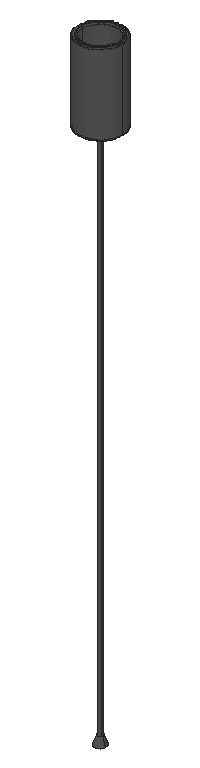
Revit family "CARLO CYLINDER LIGHT Pendant_ Surface", category Lighting Fixtures, host Face, Revit 2020 (continued)
Types (13): name | Wattage_Input | Wattage Comments | Wattage | built-in parameter 1150134 | Size 08 | Size 04 | Photometric Web File | built-in parameter 1150142 | Model | built-in parameter 1150105 | Lumens | built-in parameter 1150107 | built-in parameter 1150106 | Fixture Height | Fixture Diameter | BEAMING ANGLE | Apparent Load
    4 127.56 128.51 129.46 130.39 \r\n 131.36 132.47 133.59 134.62 135.67 136.82 138.06 139.37 140.85 142.61 \r\n 144.67 147.05 149.79 152.9 156.49 160.59 165.42 171.13 177.89 185.41 \r\n 195.35 210.19 227.17 244.02 261.72 279.47 300.22 327.38 358.71 393.16 \r\n 430.62 470.72 513.18 557.75 603.93 650.84 699.34 750.59 802.72 854.32 \r\n 905.22 954.66 1003 1050.4 1096.3 1140.7 1182.1 1219.1 1252.6 1282.8 \r\n 1310.8 1337.8 1363.3 1387.4 1409.1 1428.2 1443.3 1452.7 1457.1 1456.8 \r\n 1452.3 \r\n1448.4 1457 1456.9 1451.1 1440.4 1425.2 1406.1 1383.2 1358.4 1333.8 \r\n 1308.1 1281 1251.3 1217.6 1180.4 1139.2 1094.9 1047.8 998.74 948.45 \r\n 897.18 845.23 793.24 741.79 691.37 642.81 595.68 549.63 505.28 463.01 \r\n 423.2 386.3 352.48 322.18 295.07 270.84 249.76 232.29 217.51 204.66 \r\n 193.75 184.69 177.06 170.46 164.82 159.94 155.76 152.2 149.13 146.37 \r\n 143.95 141.85 140.02 138.43 137.05 135.85 134.76 133.65 132.56 131.43 \r\n 130.38 129.57 128.83 128.06 127.28 126.48 125.65 124.76 123.84 123.13 \r\n 121.94 119.56 116.33 112.46 107.72 101.83 95.241 88.304 81.034 73.522 \r\n 65.9 58.294 50.808 43.592 36.624 29.655 23.512 19.103 15.943 14.055 \r\n 12.819 11.603 10.469 9.2027 7.9983 6.9843 6.1405 5.4993 5.0307 4.7523 \r\n 4.553 4.3051 4.0757 3.9007 3.7465 3.5882 3.436 3.2916 3.1567 3.04 \r\n 2.9229 2.7867 2.6401 2.4793 2.3238 2.2024 2.0829 1.9334 1.7816 1.6477 \r\n 1.5225 1.4103 1.2905 1.1276 0.97147 0.87449 0.79356 0.69652 0.60289 0.52032 \r\n 0.45233 0.4096 0.37841 0.34703 0.32012 0.29869 0.2819 0.27023 0.26079 0.2513 \r\n 0.24198 0.2323 0.22223 0.21099 0.2004 0.19272 0.18587 0.17805 0.17069 0.1652 \r\n 0.15972 0.15235 0.14456 0.13735 0.1301 0.12235 0.11462 0.10758 0.10032 0.091506 \r\n 0.0831 0.07733 0.072054 0.065601 0.058796 0.051663 0.044937 0.040055 0.034935 0.027247 \r\n 0.019173 0.012017 0.0060784 0.002255 0.000061 0 0 0 0 0 \r\n 0 0 0 0 0 0 0.000032 0.0010471 0.0028443 0.0054792 \r\n 0.009137 0.014763 0.020133 0.0219 0.024367 0.032299 0.040966 0.045843 0.051087 0.060466 \r\n 0.070628 0.079412 0.087023 0.092398 0.097177 0.10263 0.10881 0.11677 0.12478 0.1309 \r\n 0.13684 0.14386 0.15124 0.15855 0.16608 0.1739 0.1822 0.19119 0.20087 0.21179 \r\n 0.22249 0.23077 0.23942 0.25034 0.26391 0.28121 0.30198 0.32517 0.35416 0.39017 \r\n 0.43859 0.50897 0.59001 0.67387 0.76435 0.85818 0.96871 1.121 1.2766 1.393 \r\n 1.5085 1.6566 1.8097 1.9488 2.0813 2.2023 2.3297 2.491 2.6531 2.7851 \r\n 2.9073 3.0286 3.1521 3.2864 3.424 3.5552 3.6945 3.8506 4.0302 4.2519 \r\n 4.4885 4.6917 4.9441 5.3078 5.7963 6.4461 7.2504 8.2477 9.3387 10.362 \r\n 11.543 12.847 14.892 18.332 23.025 29.316 36.394 43.515 50.815 58.156 \r\n 65.604 73.262 80.89 88.334 95.438 102.1 108.01 112.75 116.56 119.54 \r\n 121.69 122.84 123.59 124.6 125.6 126.53 127.43 128.3 129.15 129.98 \r\n 130.87 131.97 133.11 134.16 135.22 136.33 137.54 138.87 140.4 142.17 \r\n 144.22 146.62 149.37 152.46 156.03 160.14 164.99 170.69 177.41 184.93 \r\n 194.46 207.66 222.95 239.04 256.73 275.87 298.03 325.12 356 390.28 \r\n 427.59 467.45 509.7 554.24 600.43 647.33 695.77 746.83 798.85 850.58 \r\n 901.84 952 1001.1 1049 1095.3 1139.7 1181.3 1218.4 1252 1281.7 \r\n 1309.2 1335.9 1361.3 1386 1408.5 1427.6 1442.6 1452.4 1457.2 1457 \r\n 1452.3 \r\n1448.4 1457.2 1457 1451.7 1441.4 1426.4 1407.3 1383.9 1358.4 1333.1 \r\n 1306.8 1279.9 1250.6 1216.8 1179.3 1137.7 1093.1 1046.4 997.81 947.8 \r\n 896.75 845.07 793.21 741.4 690.63 642.24 595.34 549.18 504.74 462.8 \r\n 423.3 386.25 352.21 321.94 294.93 270.91 249.96 232.27 217.21 204.18 \r\n 193.17 184.18 176.66 170.02 164.32 159.48 155.36 151.83 148.78 146.03 \r\n 143.62 141.58 139.81 138.24 136.87 135.71 134.66 133.58 132.5 131.33 \r\n 130.25 129.45 128.74 128 127.23 126.36 125.45 124.49 123.54 122.91 \r\n 121.82 119.47 116.27 112.48 107.84 102.02 95.433 88.325 80.886 73.376 \r\n 65.841 58.431 51.098 43.802 36.669 29.512 23.241 18.921 15.889 14.014 \r\n 12.761 11.535 10.389 9.1026 7.8898 6.9085 6.103 5.4744 5.0099 4.7345 \r\n 4.5362 4.2894 4.0596 3.8794 3.7213 3.5673 3.4204 3.2758 3.1397 3.0229 \r\n 2.9068 2.775 2.6308 2.4621 2.2988 2.1793 2.0654 1.9235 1.7776 1.6418 \r\n 1.5128 1.4005 1.2803 1.1135 0.95304 0.85339 0.77113 0.67474 0.583 0.50422 \r\n 0.43836 0.3961 0.36539 0.33693 0.31307 0.29294 0.27682 0.26571 0.25661 0.24634 \r\n 0.23658 0.22878 0.22051 0.20856 0.19661 0.18781 0.18048 0.17444 0.16841 0.16042 \r\n 0.15243 0.14639 0.14036 0.13262 0.12438 0.11612 0.10835 0.10231 0.096282 0.088289 \r\n 0.080297 0.074017 0.068232 0.062464 0.05621 0.047994 0.040266 0.036207 0.03215 0.024433 \r\n 0.016221 0.0094463 0.0041501 0.001347 0.000047 0 0 0 0 0 \r\n 0 0 0 0 0 0 0.000047 0.001347 0.0041501 0.0094463 \r\n 0.016221 0.024433 0.03215 0.036207 0.040266 0.047994 0.05621 0.062464 0.068232 0.074017 \r\n 0.080297 0.088289 0.096282 0.10231 0.10835 0.11612 0.12438 0.13262 0.14036 0.14639 \r\n 0.15243 0.16042 0.16841 0.17444 0.18048 0.18781 0.19661 0.20856 0.22051 0.22878 \r\n 0.23658 0.24634 0.25661 0.26571 0.27682 0.29294 0.31307 0.33693 0.36539 0.3961 \r\n 0.43836 0.50422 0.583 0.67474 0.77113 0.85339 0.95304 1.1135 1.2803 1.4005 \r\n 1.5128 1.6418 1.7776 1.9235 2.0654 2.1793 2.2988 2.4621 2.6308 2.775 \r\n 2.9068 3.0229 3.1397 3.2758 3.4204 3.5673 3.7213 3.8794 4.0596 4.2894 \r\n 4.5362 4.7345 5.0099 5.4744 6.103 6.9085 7.8898 9.1026 10.389 11.535 \r\n 12.761 14.014 15.889 18.921 23.241 29.512 36.669 43.802 51.098 58.431 \r\n 65.841 73.376 80.886 88.325 95.433 102.02 107.84 112.48 116.27 119.47 \r\n 121.82 122.91 123.54 124.49 125.45 126.36 127.23 128 128.74 129.45 \r\n 130.25 131.33 132.5 133.58 134.66 135.71 136.87 138.24 139.81 141.58 \r\n 143.62 146.03 148.78 151.83 155.36 159.48 164.32 170.02 176.66 184.18 \r\n 193.17 204.18 217.21 232.27 249.96 270.91 294.93 321.94 352.21 386.25 \r\n 423.3 462.8 504.74 549.18 595.34 642.24 690.63 741.4 793.21 845.07 \r\n 896.75 947.8 997.81 1046.4 1093.1 1137.7 1179.3 1216.8 1250.6 1279.9 \r\n 1306.8 1333.1 1358.4 1383.9 1407.3 1426.4 1441.4 1451.7 1457 1457.2 \r\n 1452.3 \r\n1448.4 1457 1457.2 1452.4 1442.6 1427.6 1408.5 1386 1361.3 1335.9 \r\n 1309.2 1281.7 1252 1218.4 1181.3 1139.7 1095.3 1049 1001.1 952 \r\n 901.84 850.58 798.85 746.83 695.77 647.33 600.43 554.24 509.7 467.45 \r\n 427.59 390.28 356 325.12 298.03 275.87 256.73 239.04 222.95 207.66 \r\n 194.46 184.93 177.41 170.69 164.99 160.14 156.03 152.46 149.37 146.62 \r\n 144.22 142.17 140.4 138.87 137.54 136.33 135.22 134.16 133.11 131.97 \r\n 130.87 129.98 129.15 128.3 127.43 126.53 125.6 124.6 123.59 122.84 \r\n 121.69 119.54 116.56 112.75 108.01 102.1 95.438 88.334 80.89 73.262 \r\n 65.604 58.156 50.815 43.515 36.394 29.316 23.025 18.332 14.892 12.847 \r\n 11.544 10.362 9.3387 8.2477 7.2504 6.4461 5.7963 5.3078 4.9441 4.6917 \r\n 4.4885 4.2519 4.0302 3.8506 3.6945 3.5552 3.424 3.2864 3.1521 3.0286 \r\n 2.9073 2.7851 2.6531 2.491 2.3297 2.2023 2.0813 1.9488 1.8097 1.6566 \r\n 1.5085 1.393 1.2766 1.121 0.96871 0.85818 0.76435 0.67387 0.59001 0.50897 \r\n 0.43859 0.39017 0.35416 0.32517 0.30198 0.28121 0.26391 0.25034 0.23942 0.23077 \r\n 0.22249 0.21179 0.20087 0.19119 0.1822 0.1739 0.16608 0.15855 0.15124 0.14386 \r\n 0.13684 0.1309 0.12478 0.11677 0.10881 0.10263 0.097177 0.092398 0.087023 0.079412 \r\n 0.070628 0.060466 0.051087 0.045843 0.040966 0.032299 0.024367 0.0219 0.020133 0.014763 \r\n 0.009137 0.0054792 0.0028443 0.0010471 0.000032 0 0 0 0 0 \r\n 0 0 0 0 0 0 0.000061 0.002255 0.0060784 0.012017 \r\n 0.019173 0.027247 0.034935 0.040055 0.044937 0.051663 0.058796 0.065601 0.072054 0.07733 \r\n 0.0831 0.091506 0.10032 0.10758 0.11462 0.12235 0.1301 0.13735 0.14456 0.15235 \r\n 0.15972 0.1652 0.17069 0.17805 0.18587 0.19272 0.2004 0.21099 0.22223 0.2323 \r\n 0.24198 0.2513 0.26079 0.27023 0.2819 0.29869 0.32012 0.34703 0.37841 0.4096 \r\n 0.45233 0.52032 0.60289 0.69652 0.79356 0.87449 0.97147 1.1276 1.2905 1.4103 \r\n 1.5225 1.6477 1.7816 1.9334 2.0829 2.2024 2.3238 2.4793 2.6401 2.7867 \r\n 2.9229 3.04 3.1567 3.2916 3.436 3.5882 3.7465 3.9007 4.0757 4.3051 \r\n 4.553 4.7523 5.0307 5.4993 6.1405 6.9843 7.9983 9.2027 10.469 11.603 \r\n 12.819 14.055 15.943 19.103 23.512 29.655 36.624 43.592 50.808 58.294 \r\n 65.9 73.522 81.034 88.304 95.241 101.83 107.72 112.46 116.33 119.56 \r\n 121.94 123.13 123.84 124.76 125.65 126.48 127.28 128.06 128.83 129.57 \r\n 130.38 131.43 132.56 133.65 134.76 135.85 137.05 138.43 140.02 141.85 \r\n 143.95 146.37 149.13 152.2 155.76 159.94 164.82 170.46 177.06 184.69 \r\n 193.75 204.66 217.51 232.29 249.76 270.84 295.07 322.18 352.48 386.3 \r\n 423.2 463.01 505.28 549.63 595.68 642.81 691.37 741.79 793.24 845.23 \r\n 897.18 948.45 998.74 1047.8 1094.9 1139.2 1180.4 1217.6 1251.3 1281 \r\n 1308.1 1333.8 1358.4 1383.2 1406.1 1425.2 1440.4 1451.1 1456.9 1457 \r\n 1452.3 \r\n1448.4 1456.8 1457.1 1452.7 1443.3 1428.2 1409.1 1387.4 1363.3 1337.8 \r\n 1310.8 1282.8 1252.6 1219.1 1182.1 1140.7 1096.3 1050.4 1003 954.66 \r\n 905.22 854.32 802.72 750.59 699.34 650.84 603.93 557.75 513.18 470.72 \r\n 430.62 393.16 358.71 327.38 300.22 279.47 261.72 244.02 227.17 210.19 \r\n 195.35 185.41 177.89 171.13 165.42 160.6 156.49 152.9 149.79 147.05 \r\n 144.67 142.61 140.85 139.37 138.06 136.82 135.67 134.62 133.59 132.47 \r\n 131.36 130.39 129.46 128.51 127.56 126.64 125.69 124.65 123.58 122.71 \r\n 121.51 119.53 116.73 112.87 108.02 102.04 95.329 88.242 80.812 73.114 \r\n 65.379 57.912 50.577 43.293 36.198 29.198 22.903 17.917 14.152 11.974 \r\n 10.63 9.4842 8.5571 7.6171 6.7848 6.1108 5.5741 5.1893 4.9004 4.6639 \r\n 4.4562 4.2278 4.013 3.8335 3.6782 3.5495 3.4294 3.2967 3.1634 3.0345 \r\n 2.9091 2.794 2.6711 2.5142 2.3545 2.2211 2.0947 1.9692 1.8349 1.6681 \r\n 1.5051 1.3874 1.2744 1.1275 0.9818 0.86313 0.76049 0.67467 0.59615 0.51308 \r\n 0.43889 0.38569 0.34563 0.31622 0.29355 0.27236 0.25422 0.23877 0.22642 0.219 \r\n 0.2118 0.1988 0.18581 0.17798 0.17139 0.1635 0.15528 0.14658 0.13825 0.13133 \r\n 0.12503 0.11918 0.11298 0.10476 0.097026 0.092466 0.088797 0.084906 0.07997 0.072699 \r\n 0.063376 0.05026 0.038119 0.033191 0.029312 0.020422 0.01244 0.011044 0.0109 0.007517 \r\n 0.0040414 0.0025795 0.0017577 0.00074756 0.000020 0 0 0 0 0 \r\n 0 0 0 0 0 0 0.000070 0.0028986 0.0074094 0.013682 \r\n 0.020936 0.028673 0.036131 0.041984 0.047432 0.053226 0.059394 0.066626 0.073688 0.078746 \r\n 0.0843 0.093107 0.10256 0.11065 0.11831 0.12584 0.13306 0.13954 0.14636 0.15547 \r\n 0.16384 0.16749 0.17116 0.17954 0.18868 0.19519 0.20201 0.21139 0.22196 0.23351 \r\n 0.24479 0.25374 0.26258 0.27238 0.28458 0.30181 0.32416 0.35338 0.38702 0.41864 \r\n 0.46186 0.5323 0.61748 0.71262 0.81026 0.8906 0.9859 1.1387 1.2984 1.4176 \r\n 1.5296 1.6524 1.7853 1.9417 2.097 2.2204 2.343 2.493 2.6482 2.7967 \r\n 2.9364 3.0542 3.171 3.3055 3.4503 3.6067 3.7684 3.9196 4.0907 4.3194 \r\n 4.5678 4.7674 5.0469 5.5152 6.1633 7.0389 8.0805 9.2763 10.525 11.651 \r\n 12.863 14.089 15.988 19.248 23.721 29.743 36.545 43.374 50.516 58.103 \r\n 65.844 73.532 81.05 88.201 95.02 101.61 107.56 112.4 116.38 119.64 \r\n 122.05 123.32 124.1 125 125.84 126.61 127.36 128.16 128.96 129.72 \r\n 130.55 131.57 132.66 133.76 134.89 136.02 137.24 138.64 140.24 142.11 \r\n 144.26 146.68 149.45 152.55 156.14 160.36 165.27 170.88 177.45 185.16 \r\n 194.3 205.12 217.83 232.46 249.82 270.89 295.14 322.31 352.62 386.28 \r\n 423.07 463.08 505.57 549.87 595.85 643.14 691.79 741.91 793.07 845.12 \r\n 897.28 948.75 999.3 1048.8 1096.1 1140.2 1181 1218.1 1251.6 1281.5 \r\n 1308.8 1334 1358 1382.3 1404.8 1423.9 1439.3 1450.4 1456.6 1456.7 \r\n 1452.3 \r\n1448.4 1456.5 1456.9 1452.7 1443.4 1428.3 1409.2 1388 1364.4 1338.9 \r\n 1311.5 1283.2 1252.6 1219 1181.9 1140.5 1096.3 1050.6 1003.6 955.8 \r\n 906.88 856.29 804.84 752.69 701.35 652.78 605.82 559.7 515.18 472.62 \r\n 432.39 394.87 360.35 328.71 301.51 281.73 264.92 247.23 229.86 211.76 \r\n 195.83 185.62 178.1 171.31 165.64 160.83 156.74 153.16 150.05 147.32 \r\n 144.96 142.92 141.17 139.72 138.44 137.18 136.01 134.96 133.95 132.83 \r\n 131.71 130.68 129.67 128.64 127.62 126.68 125.72 124.63 123.5 122.53 \r\n 121.28 119.44 116.77 112.84 107.88 101.84 95.104 88.048 80.653 72.93 \r\n 65.166 57.701 50.385 43.135 36.081 29.159 22.875 17.675 13.67 11.393 \r\n 10.02 8.9009 8.0436 7.2108 6.4931 5.9026 5.4363 5.1189 4.8787 4.6511 \r\n 4.4393 4.2171 4.0079 3.8279 3.6724 3.5501 3.4368 3.3068 3.1736 3.0406 \r\n 2.9121 2.8016 2.6849 2.5315 2.3731 2.2356 2.1056 1.9846 1.8532 1.6763 \r\n 1.5025 1.3838 1.2737 1.1332 0.99232 0.86927 0.76139 0.67744 0.60142 0.51655 \r\n 0.43924 0.38264 0.3398 0.31008 0.28778 0.2664 0.24775 0.23099 0.2176 0.21101 \r\n 0.20454 0.18981 0.17533 0.16893 0.16417 0.1566 0.14808 0.13853 0.12944 0.12282 \r\n 0.11701 0.11121 0.10496 0.096601 0.089021 0.085624 0.083209 0.079838 0.07512 0.06815 \r\n 0.058539 0.043401 0.029326 0.024508 0.021247 0.012363 0.0044852 0.0036406 0.0044514 0.0026932 \r\n 0.00093376 0.00074716 0.00089028 0.00044829 0.000010 0 0 0 0 0 \r\n 0 0 0 0 0 0 0.000074 0.0032778 0.008143 0.014442 \r\n 0.021511 0.028709 0.035737 0.041992 0.047751 0.052685 0.058007 0.065539 0.073134 0.078266 \r\n 0.083896 0.093092 0.103 0.11155 0.11943 0.12658 0.13324 0.13918 0.14577 0.15575 \r\n 0.16479 0.16731 0.16983 0.1789 0.1889 0.19522 0.20143 0.20976 0.21969 0.23244 \r\n 0.24502 0.25365 0.26198 0.27217 0.28486 0.30232 0.32518 0.35599 0.39122 0.42321 \r\n 0.46693 0.53943 0.62677 0.72305 0.82123 0.9017 0.99634 1.1468 1.3041 1.4225 \r\n 1.5342 1.6559 1.7887 1.9485 2.1077 2.2334 2.3566 2.503 2.6549 2.805 \r\n 2.9472 3.0657 3.1828 3.3175 3.4633 3.6229 3.7871 3.9362 4.1045 4.3325 \r\n 4.5805 4.7798 5.0587 5.5222 6.1716 7.0724 8.1365 9.3233 10.557 11.681 \r\n 12.894 14.116 16.026 19.356 23.866 29.776 36.431 43.145 50.221 57.856 \r\n 65.675 73.404 80.931 88.017 94.769 101.36 107.36 112.31 116.41 119.71 \r\n 122.15 123.49 124.33 125.23 126.04 126.76 127.48 128.29 129.12 129.91 \r\n 130.75 131.74 132.81 133.92 135.07 136.21 137.44 138.85 140.46 142.36 \r\n 144.54 146.97 149.74 152.86 156.49 160.75 165.68 171.26 177.82 185.62 \r\n 194.81 205.55 218.16 232.78 250.12 271.05 295.16 322.31 352.62 386.19 \r\n 422.92 463.03 505.63 549.92 595.88 643.23 691.89 741.76 792.68 844.76 \r\n 897.04 948.71 999.5 1049.3 1096.8 1140.8 1181.3 1218.2 1251.7 1281.7 \r\n 1308.9 1333.8 1357.3 1381.2 1403.4 1422.5 1438 1449.6 1456.1 1456.4 \r\n 1452.3 \r\n1448.4 1456.3 1456.6 1452.3 1443 1427.7 1408.7 1387.9 1364.7 1339.1 \r\n 1311.5 1282.9 1251.9 1217.9 1180.6 1139.2 1095.1 1049.6 1002.8 955.41 \r\n 906.84 856.48 805.2 753.13 701.8 653.15 606.12 560.1 515.7 473.16 \r\n 432.92 395.43 360.9 329.12 301.9 282.65 266.35 248.65 231.02 212.37 \r\n 195.91 185.55 178.02 171.26 165.62 160.85 156.79 153.23 150.14 147.44 \r\n 145.1 143.07 141.34 139.93 138.68 137.42 136.23 135.19 134.17 133.05 \r\n 131.92 130.84 129.78 128.69 127.62 126.66 125.68 124.55 123.36 122.3 \r\n 120.99 119.27 116.69 112.67 107.57 101.5 94.765 87.754 80.414 72.712 \r\n 64.963 57.523 50.24 43.04 36.044 29.199 22.941 17.606 13.444 11.105 \r\n 9.7145 8.6123 7.7984 7.029 6.3751 5.8216 5.383 5.0966 4.8791 4.6534 \r\n 4.4379 4.22 4.0149 3.8341 3.6772 3.557 3.4461 3.3166 3.1827 3.0469 \r\n 2.9163 2.808 2.6945 2.5431 2.3855 2.246 2.1139 1.995 1.8645 1.6812 \r\n 1.5008 1.3821 1.2745 1.1381 1.0003 0.8742 0.76281 0.68026 0.60583 0.51937 \r\n 0.43966 0.38103 0.33667 0.30675 0.28467 0.26332 0.24452 0.22701 0.21297 0.20681 \r\n 0.20068 0.18484 0.16943 0.16404 0.16056 0.1532 0.14448 0.1344 0.12482 0.11833 \r\n 0.11278 0.107 0.10073 0.092284 0.084795 0.082104 0.080412 0.077192 0.072475 0.065764 \r\n 0.056118 0.039888 0.024709 0.019794 0.016772 0.008123 0.00050212 0 0.00078767 0.00039656 \r\n 0 0.000087 0.00024197 0.00013774 0.000003 0 0 0 0 0 \r\n 0 0 0 0 0 0 0.000074 0.0033925 0.0082792 0.014298 \r\n 0.020898 0.027356 0.033754 0.040081 0.045893 0.050037 0.054633 0.062339 0.070391 0.07589 \r\n 0.081889 0.091463 0.10164 0.11025 0.11798 0.12457 0.13064 0.13627 0.14279 0.15319 \r\n 0.16258 0.16463 0.16669 0.17612 0.18655 0.1928 0.19867 0.2061 0.21542 0.22906 \r\n 0.24265 0.25104 0.25898 0.26958 0.28273 0.30021 0.32319 0.35485 0.39102 0.42332 \r\n 0.46754 0.54171 0.63076 0.7278 0.82647 0.90781 1.0028 1.1518 1.3074 1.4249 \r\n 1.5362 1.6581 1.7918 1.9537 2.1149 2.2413 2.3643 2.5095 2.6604 2.8117 \r\n 2.9555 3.0745 3.1919 3.3278 3.475 3.6367 3.8024 3.9506 4.1171 4.3441 \r\n 4.5912 4.7895 5.0659 5.5203 6.1653 7.0846 8.1662 9.3437 10.564 11.691 \r\n 12.911 14.137 16.056 19.427 23.947 29.755 36.282 42.907 49.925 57.555 \r\n 65.391 
